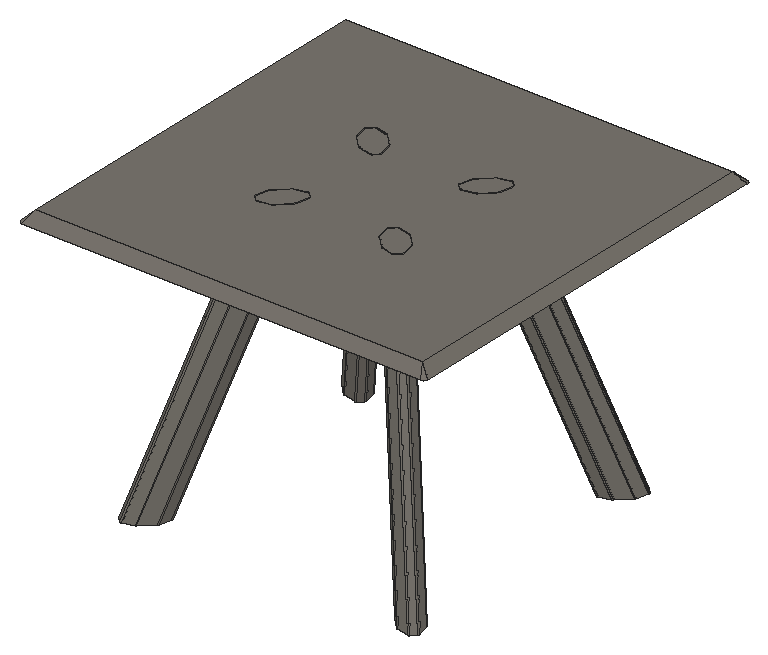
Revit family "Table-Ocassional-Teknion-STBST_Qui-R2014", category Furniture, Revit 2014
Parameters (values of type "Square, 18" High")
  Width = 26.000"
  Warranty = "http://www.teknionstudio.com/pdfs/Teknion%20Studio%20Warranty.pdf"
  Unit Weight = 40.00 lbf  # constant formula
  URL = "www.teknionstudio.com"
  Table Finish [instance] = Wood - Teknion - DY - Cocoa Brown
  Square Table Visibility = yes
  Series = "Studio"
  Round Table Visibility = no
  Product Line = "Qui"
  Product Documentation Link = "http://www.teknionstudio.com/pricing/STBST_ppg.pdf"
  Part Number = "STBST"
  Model = "STBSTC18"
  Manufacturer Phone = "919-464-2920"
  Manufacturer Fax = "919-464-2927"
  Manufacturer Email = "customersupport@teknionstudio.com"
  Manufacturer Address = "3941 US 70 Business HWY West, Clayton, NC 27520"
  Manufacturer = "StudioTK"  # constant formula
  Low Emitting Material = yes
  Low Emitting Finish = yes
  Height = 18.000"
  Description = "Qui Occasional Table, Square 26\"w / 66cm, 18\"h / 46cm"
  Depth = 26.000"
  Assembly Code = "E2020200"
Reference planes (in)
  plane 1 "Center F/B": y = 0
  plane 2: z = 0
  plane 3 "Center L/R": x = 0
  plane 4 "Left": x = -13
  plane 5 "Right": x = 13
  plane 6 "Back": y = 13
  plane 7 "Front": y = -13
  plane 8 "Top": z = 18
Dimensions and locks (in)
  "Height": plane 8 "Top" to plane 2
  equal spacing: plane 4 "Left", plane 3 "Center L/R", plane 5 "Right"
  "Width": plane 4 "Left" to plane 5 "Right"
  equal spacing: plane 6 "Back", plane 1 "Center F/B", plane 7 "Front"
  "Depth": plane 6 "Back" to plane 7 "Front"
  aligned and locked: level to plane 2
  aligned and locked: plane 1 "Center F/B" to nested 2
  aligned and locked: plane 3 "Center L/R" to nested 2
  aligned and locked: plane 3 "Center L/R" to nested 1
  aligned and locked: plane 1 "Center F/B" to nested 1
  aligned and locked: nested 1 to plane 2
  aligned and locked: plane 2 to nested 2
Nested families (in)
  nested 1: "Table-Ocassional-Teknion-STBST_Square_Qui-R2013" at (0, 0, 0), Table Finish <- "Table Finish", visible <- "Square Table Visibility", type "18" High"
    with Table Finish Wood - Teknion - DY - Cocoa Brown
  nested 2: "Table-Ocassional-Teknion-STBST_Round_Qui-R2013" at (0, 0, 0), visible <- "Round Table Visibility", Table Finish <- "Table Finish", type "18" High"
    with Table Finish Wood - Teknion - DY - Cocoa Brown
Definition of nested family "Table-Ocassional-Teknion-STBST_Square_Qui-R2013"
  Parameters (values of type "18" High")
    Width = 26.000"
    Warranty = "http://www.teknionstudio.com/pdfs/Teknion%20Studio%20Warranty.pdf"
    Unit Weight = 0.00 lbf
    URL = "www.teknionstudio.com"
    Table Finish [instance] = none
    Series = "Studio"
    Product Line = "Qui"
    Product Documentation Link = "http://www.teknionstudio.com/pricing/STBST_ppg.pdf"
    Part Number = "STBST"
    Model = "STBSTC18"
    Manufacturer Phone = "919-464-2920"
    Manufacturer Fax = "919-464-2927"
    Manufacturer Email = "customersupport@teknionstudio.com"
    Manufacturer Address = "3941 US 70 Business HWY West, Clayton, NC 27520"
    Manufacturer = "Teknion Studio"
    Low Emitting Material = yes
    Low Emitting Finish = yes
    Height = 18.000"
    Description = "Qui Occasional Table, Square 26\"w / 66cm, 18\"h / 46cm"
    Depth = 26.000"
    Assembly Code = "E2020200"
  Reference planes (in)
    plane 1 "Center F/B": y = 0
    plane 2: z = 0
    plane 3 "Center L/R": x = 0
    plane 4 "Left": x = -13
    plane 5 "Right": x = 13
    plane 6 "Back": y = 13
    plane 7 "Front": y = -13
    plane 8 "Top": z = 18
    plane 9 "Table Base": z = 17.375
    plane 10 "Table Bottom": z = 15.875
    plane 11 "Leg Top": z = 18.025
  Forms (in)
    Blend 1, solid, material <- "Table Finish"
      base sketch origin (0, 0, 17.375) x (-1, 0, 0) y (0, -1, 0)
        loop
          arc (12.75, -13) -> (12.92678, -12.92678) -> (13, -12.75) r 0.25
          line (13, -12.75) -> (13, 12.75)
          arc (13, 12.75) -> (12.92678, 12.92678) -> (12.75, 13) r 0.25
          line (12.75, 13) -> (-12.75, 13)
          arc (-12.75, 13) -> (-12.92678, 12.92678) -> (-13, 12.75) r 0.25
          line (-13, 12.75) -> (-13, -12.75)
          arc (-13, -12.75) -> (-12.92678, -12.92678) -> (-12.75, -13) r 0.25
          line (-12.75, -13) -> (12.75, -13)
      top sketch origin (0, 0, 18) x (-1, 0, 0) y (0, -1, 0)
        loop
          line (-12.375, -12.375) -> (12.375, -12.375) -> (12.375, 12.375) -> (-12.375, 12.375) -> (-12.375, -12.375)
      from 0 to 0
    Blend 2, solid, material <- "Table Finish"
      base sketch origin (0, 0, 15.875) x (-1, 0, 0) y (0, -1, 0)
        loop
          line (5.75, -5.75) -> (5.75, 5.75) -> (-5.75, 5.75) -> (-5.75, -5.75) -> (5.75, -5.75)
      top sketch origin (0, 0, 15.875) x (-1, 0, 0) y (0, -1, 0)
        loop
          line (-6.75, -6.75) -> (6.75, -6.75) -> (6.75, 6.75) -> (-6.75, 6.75) -> (-6.75, -6.75)
      from 0 to 1.5
    Blend 3, solid, material <- "Table Finish"
      base sketch origin (0, 0, 18.025) x (0, -1, 0) y (1, 0, 0)
        loop
          arc (-7.64515, -7.38666) -> (-7.70965, -7.3486) -> (-7.78451, -7.34647) r 0.15
          line (-7.78451, -7.34647) -> (-8.54844, -7.52036)
          arc (-8.54844, -7.52036) -> (-8.58767, -7.53532) -> (-8.62122, -7.56056) r 0.15
          line (-8.62122, -7.56056) -> (-9.36479, -8.30413)
          arc (-9.36479, -8.30413) -> (-9.39003, -8.33767) -> (-9.40498, -8.3769) r 0.15
          line (-9.40498, -8.3769) -> (-9.57888, -9.14084)
          arc (-9.57888, -9.14084) -> (-9.57674, -9.2157) -> (-9.53868, -9.2802) r 0.15
          line (-9.53868, -9.2802) -> (-9.2802, -9.53868)
          arc (-9.2802, -9.53868) -> (-9.2157, -9.57674) -> (-9.14084, -9.57888) r 0.15
          line (-9.14084, -9.57888) -> (-8.3769, -9.40498)
          arc (-8.3769, -9.40498) -> (-8.33767, -9.39003) -> (-8.30413, -9.36479) r 0.15
          line (-8.30413, -9.36479) -> (-7.56056, -8.62122)
          arc (-7.56056, -8.62122) -> (-7.53532, -8.58767) -> (-7.52036, -8.54844) r 0.15
          line (-7.52036, -8.54844) -> (-7.34647, -7.78451)
          arc (-7.34647, -7.78451) -> (-7.3486, -7.70965) -> (-7.38666, -7.64515) r 0.15
          line (-7.38666, -7.64515) -> (-7.64515, -7.38666)
      top sketch origin (0, 0, 18.025) x (0, -1, 0) y (1, 0, 0)
        loop
          arc (-2.8029, -2.54441) -> (-2.8674, -2.50635) -> (-2.94226, -2.50422) r 0.15
          line (-2.94226, -2.50422) -> (-3.70619, -2.67811)
          arc (-3.70619, -2.67811) -> (-3.74542, -2.69307) -> (-3.77896, -2.7183) r 0.15
          line (-3.77896, -2.7183) -> (-4.52254, -3.46188)
          arc (-4.52254, -3.46188) -> (-4.54777, -3.49542) -> (-4.56273, -3.53465) r 0.15
          line (-4.56273, -3.53465) -> (-4.73663, -4.29858)
          arc (-4.73663, -4.29858) -> (-4.73449, -4.37344) -> (-4.69643, -4.43794) r 0.15
          line (-4.69643, -4.43794) -> (-4.43794, -4.69643)
          arc (-4.43794, -4.69643) -> (-4.37344, -4.73449) -> (-4.29858, -4.73663) r 0.15
          line (-4.29858, -4.73663) -> (-3.53465, -4.56273)
          arc (-3.53465, -4.56273) -> (-3.49542, -4.54777) -> (-3.46188, -4.52254) r 0.15
          line (-3.46188, -4.52254) -> (-2.7183, -3.77896)
          arc (-2.7183, -3.77896) -> (-2.69307, -3.74542) -> (-2.67811, -3.70619) r 0.15
          line (-2.67811, -3.70619) -> (-2.50422, -2.94226)
          arc (-2.50422, -2.94226) -> (-2.50635, -2.8674) -> (-2.54441, -2.8029) r 0.15
          line (-2.54441, -2.8029) -> (-2.8029, -2.54441)
      from -18.025 to -0.025
    Blend 4, solid, material <- "Table Finish"
      base sketch origin (0, 0, 18.025) x (0, 1, 0) y (-1, 0, 0)
        loop
          arc (-7.64515, -7.38666) -> (-7.70965, -7.3486) -> (-7.78451, -7.34647) r 0.15
          line (-7.78451, -7.34647) -> (-8.54844, -7.52036)
          arc (-8.54844, -7.52036) -> (-8.58767, -7.53532) -> (-8.62122, -7.56056) r 0.15
          line (-8.62122, -7.56056) -> (-9.36479, -8.30413)
          arc (-9.36479, -8.30413) -> (-9.39003, -8.33767) -> (-9.40498, -8.3769) r 0.15
          line (-9.40498, -8.3769) -> (-9.57888, -9.14084)
          arc (-9.57888, -9.14084) -> (-9.57674, -9.2157) -> (-9.53868, -9.2802) r 0.15
          line (-9.53868, -9.2802) -> (-9.2802, -9.53868)
          arc (-9.2802, -9.53868) -> (-9.2157, -9.57674) -> (-9.14084, -9.57888) r 0.15
          line (-9.14084, -9.57888) -> (-8.3769, -9.40498)
          arc (-8.3769, -9.40498) -> (-8.33767, -9.39003) -> (-8.30413, -9.36479) r 0.15
          line (-8.30413, -9.36479) -> (-7.56056, -8.62122)
          arc (-7.56056, -8.62122) -> (-7.53532, -8.58767) -> (-7.52036, -8.54844) r 0.15
          line (-7.52036, -8.54844) -> (-7.34647, -7.78451)
          arc (-7.34647, -7.78451) -> (-7.3486, -7.70965) -> (-7.38666, -7.64515) r 0.15
          line (-7.38666, -7.64515) -> (-7.64515, -7.38666)
      top sketch origin (0, 0, 18.025) x (0, 1, 0) y (-1, 0, 0)
        loop
          arc (-2.8029, -2.54441) -> (-2.8674, -2.50635) -> (-2.94226, -2.50422) r 0.15
          line (-2.94226, -2.50422) -> (-3.70619, -2.67811)
          arc (-3.70619, -2.67811) -> (-3.74542, -2.69307) -> (-3.77896, -2.7183) r 0.15
          line (-3.77896, -2.7183) -> (-4.52254, -3.46188)
          arc (-4.52254, -3.46188) -> (-4.54777, -3.49542) -> (-4.56273, -3.53465) r 0.15
          line (-4.56273, -3.53465) -> (-4.73663, -4.29858)
          arc (-4.73663, -4.29858) -> (-4.73449, -4.37344) -> (-4.69643, -4.43794) r 0.15
          line (-4.69643, -4.43794) -> (-4.43794, -4.69643)
          arc (-4.43794, -4.69643) -> (-4.37344, -4.73449) -> (-4.29858, -4.73663) r 0.15
          line (-4.29858, -4.73663) -> (-3.53465, -4.56273)
          arc (-3.53465, -4.56273) -> (-3.49542, -4.54777) -> (-3.46188, -4.52254) r 0.15
          line (-3.46188, -4.52254) -> (-2.7183, -3.77896)
          arc (-2.7183, -3.77896) -> (-2.69307, -3.74542) -> (-2.67811, -3.70619) r 0.15
          line (-2.67811, -3.70619) -> (-2.50422, -2.94226)
          arc (-2.50422, -2.94226) -> (-2.50635, -2.8674) -> (-2.54441, -2.8029) r 0.15
          line (-2.54441, -2.8029) -> (-2.8029, -2.54441)
      from -18.025 to -0.025
    Blend 5, solid, material <- "Table Finish"
      base sketch origin (0, 0, 18.025) x (1, 0, 0) y (0, 1, 0)
        loop
          arc (-7.64515, -7.38666) -> (-7.70965, -7.3486) -> (-7.78451, -7.34647) r 0.15
          line (-7.78451, -7.34647) -> (-8.54844, -7.52036)
          arc (-8.54844, -7.52036) -> (-8.58767, -7.53532) -> (-8.62122, -7.56056) r 0.15
          line (-8.62122, -7.56056) -> (-9.36479, -8.30413)
          arc (-9.36479, -8.30413) -> (-9.39003, -8.33767) -> (-9.40498, -8.3769) r 0.15
          line (-9.40498, -8.3769) -> (-9.57888, -9.14084)
          arc (-9.57888, -9.14084) -> (-9.57674, -9.2157) -> (-9.53868, -9.2802) r 0.15
          line (-9.53868, -9.2802) -> (-9.2802, -9.53868)
          arc (-9.2802, -9.53868) -> (-9.2157, -9.57674) -> (-9.14084, -9.57888) r 0.15
          line (-9.14084, -9.57888) -> (-8.3769, -9.40498)
          arc (-8.3769, -9.40498) -> (-8.33767, -9.39003) -> (-8.30413, -9.36479) r 0.15
          line (-8.30413, -9.36479) -> (-7.56056, -8.62122)
          arc (-7.56056, -8.62122) -> (-7.53532, -8.58767) -> (-7.52036, -8.54844) r 0.15
          line (-7.52036, -8.54844) -> (-7.34647, -7.78451)
          arc (-7.34647, -7.78451) -> (-7.3486, -7.70965) -> (-7.38666, -7.64515) r 0.15
          line (-7.38666, -7.64515) -> (-7.64515, -7.38666)
      top sketch origin (0, 0, 18.025) x (1, 0, 0) y (0, 1, 0)
        loop
          arc (-2.8029, -2.54441) -> (-2.8674, -2.50635) -> (-2.94226, -2.50422) r 0.15
          line (-2.94226, -2.50422) -> (-3.70619, -2.67811)
          arc (-3.70619, -2.67811) -> (-3.74542, -2.69307) -> (-3.77896, -2.7183) r 0.15
          line (-3.77896, -2.7183) -> (-4.52254, -3.46188)
          arc (-4.52254, -3.46188) -> (-4.54777, -3.49542) -> (-4.56273, -3.53465) r 0.15
          line (-4.56273, -3.53465) -> (-4.73663, -4.29858)
          arc (-4.73663, -4.29858) -> (-4.73449, -4.37344) -> (-4.69643, -4.43794) r 0.15
          line (-4.69643, -4.43794) -> (-4.43794, -4.69643)
          arc (-4.43794, -4.69643) -> (-4.37344, -4.73449) -> (-4.29858, -4.73663) r 0.15
          line (-4.29858, -4.73663) -> (-3.53465, -4.56273)
          arc (-3.53465, -4.56273) -> (-3.49542, -4.54777) -> (-3.46188, -4.52254) r 0.15
          line (-3.46188, -4.52254) -> (-2.7183, -3.77896)
          arc (-2.7183, -3.77896) -> (-2.69307, -3.74542) -> (-2.67811, -3.70619) r 0.15
          line (-2.67811, -3.70619) -> (-2.50422, -2.94226)
          arc (-2.50422, -2.94226) -> (-2.50635, -2.8674) -> (-2.54441, -2.8029) r 0.15
          line (-2.54441, -2.8029) -> (-2.8029, -2.54441)
      from -18.025 to -0.025
    Sweep 6, void
      path origin (0, 0, 0) x (1, 0, 0) y (0, 0, 1)
        loop
          line (0, 18) -> (0, 17.75)
      profile origin (0, 0, 17.875) x (0, -1, 0) y (1, 0, 0)
        loop
          line (-4.70775, -4.44926) -> (-4.44926, -4.70775)
          arc (-4.44926, -4.70775) -> (-4.37788, -4.74987) -> (-4.29503, -4.75223) r 0.166
          line (-4.29503, -4.75223) -> (-3.5311, -4.57833)
          arc (-3.5311, -4.57833) -> (-3.48769, -4.56178) -> (-3.45056, -4.53385) r 0.166
          line (-3.45056, -4.53385) -> (-2.70699, -3.79028)
          arc (-2.70699, -3.79028) -> (-2.67906, -3.75315) -> (-2.66251, -3.70974) r 0.166
          line (-2.66251, -3.70974) -> (-2.48861, -2.94581)
          arc (-2.48861, -2.94581) -> (-2.49098, -2.86296) -> (-2.53309, -2.79158) r 0.166
          line (-2.53309, -2.79158) -> (-2.79158, -2.53309)
          arc (-2.79158, -2.53309) -> (-2.86296, -2.49098) -> (-2.94581, -2.48861) r 0.166
          line (-2.94581, -2.48861) -> (-3.70974, -2.66251)
          arc (-3.70974, -2.66251) -> (-3.75315, -2.67906) -> (-3.79028, -2.70699) r 0.166
          line (-3.79028, -2.70699) -> (-4.53385, -3.45056)
          arc (-4.53385, -3.45056) -> (-4.56178, -3.48769) -> (-4.57833, -3.5311) r 0.166
          line (-4.57833, -3.5311) -> (-4.75223, -4.29503)
          arc (-4.75223, -4.29503) -> (-4.74987, -4.37788) -> (-4.70775, -4.44926) r 0.166
        loop
          line (-4.53385, 3.45056) -> (-3.79028, 2.70699)
          arc (-3.79028, 2.70699) -> (-3.75315, 2.67906) -> (-3.70974, 2.66251) r 0.166
          line (-3.70974, 2.66251) -> (-2.94581, 2.48861)
          arc (-2.94581, 2.48861) -> (-2.86296, 2.49098) -> (-2.79158, 2.53309) r 0.166
          line (-2.79158, 2.53309) -> (-2.53309, 2.79158)
          arc (-2.53309, 2.79158) -> (-2.49098, 2.86296) -> (-2.48861, 2.94581) r 0.166
          line (-2.48861, 2.94581) -> (-2.66251, 3.70974)
          arc (-2.66251, 3.70974) -> (-2.67906, 3.75315) -> (-2.70699, 3.79028) r 0.166
          line (-2.70699, 3.79028) -> (-3.45056, 4.53385)
          arc (-3.45056, 4.53385) -> (-3.48769, 4.56178) -> (-3.5311, 4.57833) r 0.166
          line (-3.5311, 4.57833) -> (-4.29503, 4.75223)
          arc (-4.29503, 4.75223) -> (-4.37788, 4.74987) -> (-4.44926, 4.70775) r 0.166
          line (-4.44926, 4.70775) -> (-4.70775, 4.44926)
          arc (-4.70775, 4.44926) -> (-4.74987, 4.37788) -> (-4.75223, 4.29503) r 0.166
          line (-4.75223, 4.29503) -> (-4.57833, 3.5311)
          arc (-4.57833, 3.5311) -> (-4.56178, 3.48769) -> (-4.53385, 3.45056) r 0.166
        loop
          arc (3.45056, -4.53385) -> (3.48769, -4.56178) -> (3.5311, -4.57833) r 0.166
          line (3.5311, -4.57833) -> (4.29503, -4.75223)
          arc (4.29503, -4.75223) -> (4.37788, -4.74987) -> (4.44926, -4.70775) r 0.166
          line (4.44926, -4.70775) -> (4.70775, -4.44926)
          arc (4.70775, -4.44926) -> (4.74987, -4.37788) -> (4.75223, -4.29503) r 0.166
          line (4.75223, -4.29503) -> (4.57833, -3.5311)
          arc (4.57833, -3.5311) -> (4.56178, -3.48769) -> (4.53385, -3.45056) r 0.166
          line (4.53385, -3.45056) -> (3.79028, -2.70699)
          arc (3.79028, -2.70699) -> (3.75315, -2.67906) -> (3.70974, -2.66251) r 0.166
          line (3.70974, -2.66251) -> (2.94581, -2.48861)
          arc (2.94581, -2.48861) -> (2.86296, -2.49098) -> (2.79158, -2.53309) r 0.166
          line (2.79158, -2.53309) -> (2.53309, -2.79158)
          arc (2.53309, -2.79158) -> (2.49098, -2.86296) -> (2.48861, -2.94581) r 0.166
          line (2.48861, -2.94581) -> (2.66251, -3.70974)
          arc (2.66251, -3.70974) -> (2.67906, -3.75315) -> (2.70699, -3.79028) r 0.166
          line (2.70699, -3.79028) -> (3.45056, -4.53385)
        loop
          arc (3.5311, 4.57833) -> (3.48769, 4.56178) -> (3.45056, 4.53385) r 0.166
          line (3.45056, 4.53385) -> (2.70699, 3.79028)
          arc (2.70699, 3.79028) -> (2.67906, 3.75315) -> (2.66251, 3.70974) r 0.166
          line (2.66251, 3.70974) -> (2.48861, 2.94581)
          arc (2.48861, 2.94581) -> (2.49098, 2.86296) -> (2.53309, 2.79158) r 0.166
          line (2.53309, 2.79158) -> (2.79158, 2.53309)
          arc (2.79158, 2.53309) -> (2.86296, 2.49098) -> (2.94581, 2.48861) r 0.166
          line (2.94581, 2.48861) -> (3.70974, 2.66251)
          arc (3.70974, 2.66251) -> (3.75315, 2.67906) -> (3.79028, 2.70699) r 0.166
          line (3.79028, 2.70699) -> (4.53385, 3.45056)
          arc (4.53385, 3.45056) -> (4.56178, 3.48769) -> (4.57833, 3.5311) r 0.166
          line (4.57833, 3.5311) -> (4.75223, 4.29503)
          arc (4.75223, 4.29503) -> (4.74987, 4.37788) -> (4.70775, 4.44926) r 0.166
          line (4.70775, 4.44926) -> (4.44926, 4.70775)
          arc (4.44926, 4.70775) -> (4.37788, 4.74987) -> (4.29503, 4.75223) r 0.166
          line (4.29503, 4.75223) -> (3.5311, 4.57833)
    Blend 7, solid, material <- "Table Finish"
      base sketch origin (0, 0, 18.275) x (0, 1, 0) y (-1, 0, 0)
        loop
          line (7.64515, -7.38666) -> (7.38666, -7.64515)
          arc (7.38666, -7.64515) -> (7.3486, -7.70965) -> (7.34647, -7.78451) r 0.15
          line (7.34647, -7.78451) -> (7.52036, -8.54844)
          arc (7.52036, -8.54844) -> (7.53532, -8.58767) -> (7.56056, -8.62122) r 0.15
          line (7.56056, -8.62122) -> (8.30413, -9.36479)
          arc (8.30413, -9.36479) -> (8.33767, -9.39003) -> (8.3769, -9.40498) r 0.15
          line (8.3769, -9.40498) -> (9.14084, -9.57888)
          arc (9.14084, -9.57888) -> (9.2157, -9.57674) -> (9.2802, -9.53868) r 0.15
          line (9.2802, -9.53868) -> (9.53868, -9.2802)
          arc (9.53868, -9.2802) -> (9.57674, -9.2157) -> (9.57888, -9.14084) r 0.15
          line (9.57888, -9.14084) -> (9.40498, -8.3769)
          arc (9.40498, -8.3769) -> (9.39003, -8.33767) -> (9.36479, -8.30413) r 0.15
          line (9.36479, -8.30413) -> (8.62122, -7.56056)
          arc (8.62122, -7.56056) -> (8.58767, -7.53532) -> (8.54844, -7.52036) r 0.15
          line (8.54844, -7.52036) -> (7.78451, -7.34647)
          arc (7.78451, -7.34647) -> (7.70965, -7.3486) -> (7.64515, -7.38666) r 0.15
      top sketch origin (0, 0, 18.275) x (0, 1, 0) y (-1, 0, 0)
        loop
          line (2.8029, -2.54441) -> (2.54441, -2.8029)
          arc (2.54441, -2.8029) -> (2.50635, -2.8674) -> (2.50422, -2.94226) r 0.15
          line (2.50422, -2.94226) -> (2.67811, -3.70619)
          arc (2.67811, -3.70619) -> (2.69307, -3.74542) -> (2.7183, -3.77896) r 0.15
          line (2.7183, -3.77896) -> (3.46188, -4.52254)
          arc (3.46188, -4.52254) -> (3.49542, -4.54777) -> (3.53465, -4.56273) r 0.15
          line (3.53465, -4.56273) -> (4.29858, -4.73663)
          arc (4.29858, -4.73663) -> (4.37344, -4.73449) -> (4.43794, -4.69643) r 0.15
          line (4.43794, -4.69643) -> (4.69643, -4.43794)
          arc (4.69643, -4.43794) -> (4.73449, -4.37344) -> (4.73663, -4.29858) r 0.15
          line (4.73663, -4.29858) -> (4.56273, -3.53465)
          arc (4.56273, -3.53465) -> (4.54777, -3.49542) -> (4.52254, -3.46188) r 0.15
          line (4.52254, -3.46188) -> (3.77896, -2.7183)
          arc (3.77896, -2.7183) -> (3.74542, -2.69307) -> (3.70619, -2.67811) r 0.15
          line (3.70619, -2.67811) -> (2.94226, -2.50422)
          arc (2.94226, -2.50422) -> (2.8674, -2.50635) -> (2.8029, -2.54441) r 0.15
      from -18.275 to -0.275
  Cuts and joins
    Sweep 6 cuts Blend 1
  Lines and regions (in)
    Masking region 1
      outline origin (0, 0, 18.025) x (0, -1, 0) y (1, 0, 0)
        loop
          line (-13, -13) -> (13, -13) -> (13, 13) -> (-13, 13) -> (-13, -13)
    symbolic lines, detail levels medium+fine
      curve 1: line (12.375, 12.375, 18.025) -> (-12.375, 12.375, 18.025)
      curve 2: line (-12.375, 12.375, 18.025) -> (-12.375, -12.375, 18.025)
      curve 3: line (-12.375, -12.375, 18.025) -> (12.375, -12.375, 18.025)
      curve 4: line (12.375, -12.375, 18.025) -> (12.375, 12.375, 18.025)
    symbolic lines, style "Hidden Lines", detail levels medium+fine
      curve 5: line (-4.43794, 4.69643, 18.025) -> (-4.69643, 4.43794, 18.025)
      curve 6: arc (-4.29858, 4.73663, 18.025) -> (-4.37344, 4.73449, 18.025) -> (-4.43794, 4.69643, 18.025) r 0.15
      curve 7: line (-3.53465, 4.56273, 18.025) -> (-4.29858, 4.73663, 18.025)
      curve 8: arc (-3.46188, 4.52254, 18.025) -> (-3.49542, 4.54777, 18.025) -> (-3.53465, 4.56273, 18.025) r 0.15
      curve 9: line (-2.7183, 3.77896, 18.025) -> (-3.46188, 4.52254, 18.025)
      curve 10: arc (-2.67811, 3.70619, 18.025) -> (-2.69307, 3.74542, 18.025) -> (-2.7183, 3.77896, 18.025) r 0.15
      curve 11: line (-2.50422, 2.94226, 18.025) -> (-2.67811, 3.70619, 18.025)
      curve 12: arc (-2.54441, 2.8029, 18.025) -> (-2.50635, 2.8674, 18.025) -> (-2.50422, 2.94226, 18.025) r 0.15
      curve 13: line (-2.8029, 2.54441, 18.025) -> (-2.54441, 2.8029, 18.025)
      curve 14: arc (-2.94226, 2.50422, 18.025) -> (-2.8674, 2.50635, 18.025) -> (-2.8029, 2.54441, 18.025) r 0.15
      curve 15: line (-3.70619, 2.67811, 18.025) -> (-2.94226, 2.50422, 18.025)
      curve 16: arc (-3.77896, 2.7183, 18.025) -> (-3.74542, 2.69307, 18.025) -> (-3.70619, 2.67811, 18.025) r 0.15
      curve 17: line (-4.52254, 3.46188, 18.025) -> (-3.77896, 2.7183, 18.025)
      curve 18: arc (-4.56273, 3.53465, 18.025) -> (-4.54777, 3.49542, 18.025) -> (-4.52254, 3.46188, 18.025) r 0.15
      curve 19: line (-4.73663, 4.29858, 18.025) -> (-4.56273, 3.53465, 18.025)
      curve 20: arc (-4.69643, 4.43794, 18.025) -> (-4.73449, 4.37344, 18.025) -> (-4.73663, 4.29858, 18.025) r 0.15
      curve 21: line (3.46188, 4.52254, 18.025) -> (2.7183, 3.77896, 18.025)
      curve 22: arc (3.53465, 4.56273, 18.025) -> (3.49542, 4.54777, 18.025) -> (3.46188, 4.52254, 18.025) r 0.15
      curve 23: line (4.29858, 4.73663, 18.025) -> (3.53465, 4.56273, 18.025)
      curve 24: arc (4.43794, 4.69643, 18.025) -> (4.37344, 4.73449, 18.025) -> (4.29858, 4.73663, 18.025) r 0.15
      curve 25: line (4.69643, 4.43794, 18.025) -> (4.43794, 4.69643, 18.025)
      curve 26: arc (4.73663, 4.29858, 18.025) -> (4.73449, 4.37344, 18.025) -> (4.69643, 4.43794, 18.025) r 0.15
      curve 27: line (4.56273, 3.53465, 18.025) -> (4.73663, 4.29858, 18.025)
      curve 28: arc (4.52254, 3.46188, 18.025) -> (4.54777, 3.49542, 18.025) -> (4.56273, 3.53465, 18.025) r 0.15
      curve 29: line (3.77896, 2.7183, 18.025) -> (4.52254, 3.46188, 18.025)
      curve 30: arc (3.70619, 2.67811, 18.025) -> (3.74542, 2.69307, 18.025) -> (3.77896, 2.7183, 18.025) r 0.15
      curve 31: line (2.94226, 2.50422, 18.025) -> (3.70619, 2.67811, 18.025)
      curve 32: arc (2.8029, 2.54441, 18.025) -> (2.8674, 2.50635, 18.025) -> (2.94226, 2.50422, 18.025) r 0.15
      curve 33: line (2.54441, 2.8029, 18.025) -> (2.8029, 2.54441, 18.025)
      curve 34: arc (2.50422, 2.94226, 18.025) -> (2.50635, 2.8674, 18.025) -> (2.54441, 2.8029, 18.025) r 0.15
      curve 35: line (2.67811, 3.70619, 18.025) -> (2.50422, 2.94226, 18.025)
      curve 36: arc (2.7183, 3.77896, 18.025) -> (2.69307, 3.74542, 18.025) -> (2.67811, 3.70619, 18.025) r 0.15
      curve 37: line (2.8029, -2.54441, 18.025) -> (2.54441, -2.8029, 18.025)
      curve 38: arc (2.94226, -2.50422, 18.025) -> (2.8674, -2.50635, 18.025) -> (2.8029, -2.54441, 18.025) r 0.15
      curve 39: line (3.70619, -2.67811, 18.025) -> (2.94226, -2.50422, 18.025)
      curve 40: arc (3.77896, -2.7183, 18.025) -> (3.74542, -2.69307, 18.025) -> (3.70619, -2.67811, 18.025) r 0.15
      curve 41: line (4.52254, -3.46188, 18.025) -> (3.77896, -2.7183, 18.025)
      curve 42: arc (4.56273, -3.53465, 18.025) -> (4.54777, -3.49542, 18.025) -> (4.52254, -3.46188, 18.025) r 0.15
      curve 43: line (4.73663, -4.29858, 18.025) -> (4.56273, -3.53465, 18.025)
      curve 44: arc (4.69643, -4.43794, 18.025) -> (4.73449, -4.37344, 18.025) -> (4.73663, -4.29858, 18.025) r 0.15
      curve 45: line (4.43794, -4.69643, 18.025) -> (4.69643, -4.43794, 18.025)
      curve 46: arc (4.29858, -4.73663, 18.025) -> (4.37344, -4.73449, 18.025) -> (4.43794, -4.69643, 18.025) r 0.15
      curve 47: line (3.53465, -4.56273, 18.025) -> (4.29858, -4.73663, 18.025)
      curve 48: arc (3.46188, -4.52254, 18.025) -> (3.49542, -4.54777, 18.025) -> (3.53465, -4.56273, 18.025) r 0.15
      curve 49: line (2.7183, -3.77896, 18.025) -> (3.46188, -4.52254, 18.025)
      curve 50: arc (2.67811, -3.70619, 18.025) -> (2.69307, -3.74542, 18.025) -> (2.7183, -3.77896, 18.025) r 0.15
      curve 51: line (2.50422, -2.94226, 18.025) -> (2.67811, -3.70619, 18.025)
      curve 52: arc (2.50422, -2.94226, 18.025) -> (2.50635, -2.8674, 18.025) -> (2.54441, -2.8029, 18.025) r 0.15
      curve 53: line (-2.54441, -2.8029, 18.025) -> (-2.8029, -2.54441, 18.025)
      curve 54: arc (-2.50422, -2.94226, 18.025) -> (-2.50635, -2.8674, 18.025) -> (-2.54441, -2.8029, 18.025) r 0.15
      curve 55: line (-2.67811, -3.70619, 18.025) -> (-2.50422, -2.94226, 18.025)
      curve 56: arc (-2.7183, -3.77896, 18.025) -> (-2.69307, -3.74542, 18.025) -> (-2.67811, -3.70619, 18.025) r 0.15
      curve 57: line (-3.46188, -4.52254, 18.025) -> (-2.7183, -3.77896, 18.025)
      curve 58: arc (-3.53465, -4.56273, 18.025) -> (-3.49542, -4.54777, 18.025) -> (-3.46188, -4.52254, 18.025) r 0.15
      curve 59: line (-4.29858, -4.73663, 18.025) -> (-3.53465, -4.56273, 18.025)
      curve 60: arc (-4.43794, -4.69643, 18.025) -> (-4.37344, -4.73449, 18.025) -> (-4.29858, -4.73663, 18.025) r 0.15
      curve 61: line (-4.69643, -4.43794, 18.025) -> (-4.43794, -4.69643, 18.025)
      curve 62: arc (-4.73663, -4.29858, 18.025) -> (-4.73449, -4.37344, 18.025) -> (-4.69643, -4.43794, 18.025) r 0.15
      curve 63: line (-4.56273, -3.53465, 18.025) -> (-4.73663, -4.29858, 18.025)
      curve 64: arc (-4.52254, -3.46188, 18.025) -> (-4.54777, -3.49542, 18.025) -> (-4.56273, -3.53465, 18.025) r 0.15
      curve 65: line (-3.77896, -2.7183, 18.025) -> (-4.52254, -3.46188, 18.025)
      curve 66: arc (-3.70619, -2.67811, 18.025) -> (-3.74542, -2.69307, 18.025) -> (-3.77896, -2.7183, 18.025) r 0.15
      curve 67: line (-2.94226, -2.50422, 18.025) -> (-3.70619, -2.67811, 18.025)
      curve 68: arc (-2.8029, -2.54441, 18.025) -> (-2.8674, -2.50635, 18.025) -> (-2.94226, -2.50422, 18.025) r 0.15
    symbolic lines, style "Hidden Lines", detail levels fine
      curve 69: line (6.75, 6.75, 18.025) -> (-6.75, 6.75, 18.025)
      curve 70: line (-5.75, 5.75, 18.025) -> (5.75, 5.75, 18.025)
      curve 71: line (-5.75, -5.75, 18.025) -> (-5.75, 5.75, 18.025)
      curve 72: line (-6.75, 6.75, 18.025) -> (-6.75, -6.75, 18.025)
      curve 73: line (5.75, -5.75, 18.025) -> (-5.75, -5.75, 18.025)
      curve 74: line (-6.75, -6.75, 18.025) -> (6.75, -6.75, 18.025)
      curve 75: line (5.75, 5.75, 18.025) -> (5.75, -5.75, 18.025)
      curve 76: line (6.75, -6.75, 18.025) -> (6.75, 6.75, 18.025)
      curve 77: line (5.72184, 6.7825, 18.025) -> (8.30413, 9.36479, 18.025)
      curve 78: line (9.36479, 8.30413, 18.025) -> (4.52254, 3.46188, 18.025)
      curve 79: arc (8.30413, 9.36479, 18.025) -> (8.33767, 9.39003, 18.025) -> (8.3769, 9.40498, 18.025) r 0.15
      curve 80: line (8.3769, 9.40498, 18.025) -> (9.14084, 9.57888, 18.025)
      curve 81: arc (9.14084, 9.57888, 18.025) -> (9.2157, 9.57674, 18.025) -> (9.2802, 9.53868, 18.025) r 0.15
      curve 82: line (9.2802, 9.53868, 18.025) -> (9.53868, 9.2802, 18.025)
      curve 83: arc (9.53868, 9.2802, 18.025) -> (9.57674, 9.2157, 18.025) -> (9.57888, 9.14084, 18.025) r 0.15
      curve 84: line (9.57888, 9.14084, 18.025) -> (9.40498, 8.3769, 18.025)
      curve 85: arc (9.40498, 8.3769, 18.025) -> (9.39003, 8.33767, 18.025) -> (9.36479, 8.30413, 18.025) r 0.15
      curve 86: arc (8.62122, 7.56056, 18.025) -> (8.58767, 7.53532, 18.025) -> (8.54844, 7.52036, 18.025) r 0.15
      curve 87: line (8.54844, 7.52036, 18.025) -> (7.78451, 7.34647, 18.025)
      curve 88: arc (7.78451, 7.34647, 18.025) -> (7.70965, 7.3486, 18.025) -> (7.64515, 7.38666, 18.025) r 0.15
      curve 89: line (7.64515, 7.38666, 18.025) -> (7.38666, 7.64515, 18.025)
      curve 90: arc (7.38666, 7.64515, 18.025) -> (7.3486, 7.70965, 18.025) -> (7.34647, 7.78451, 18.025) r 0.15
      curve 91: line (7.34647, 7.78451, 18.025) -> (7.52036, 8.54844, 18.025)
      curve 92: arc (7.52036, 8.54844, 18.025) -> (7.53532, 8.58767, 18.025) -> (7.56056, 8.62122, 18.025) r 0.15
      curve 93: line (4.52254, -3.46188, 18.025) -> (9.36479, -8.30413, 18.025)
      curve 94: arc (9.36479, -8.30413, 18.025) -> (9.39003, -8.33767, 18.025) -> (9.40498, -8.3769, 18.025) r 0.15
      curve 95: line (9.40498, -8.3769, 18.025) -> (9.57888, -9.14084, 18.025)
      curve 96: arc (9.57888, -9.14084, 18.025) -> (9.57674, -9.2157, 18.025) -> (9.53868, -9.2802, 18.025) r 0.15
      curve 97: line (9.53868, -9.2802, 18.025) -> (9.2802, -9.53868, 18.025)
      curve 98: arc (9.2802, -9.53868, 18.025) -> (9.2157, -9.57674, 18.025) -> (9.14084, -9.57888, 18.025) r 0.15
      curve 99: line (9.14084, -9.57888, 18.025) -> (8.3769, -9.40498, 18.025)
      curve 100: arc (8.3769, -9.40498, 18.025) -> (8.33767, -9.39003, 18.025) -> (8.30413, -9.36479, 18.025) r 0.15
      curve 101: line (8.30413, -9.36479, 18.025) -> (3.46188, -4.52254, 18.025)
      curve 102: arc (7.56056, -8.62122, 18.025) -> (7.53532, -8.58767, 18.025) -> (7.52036, -8.54844, 18.025) r 0.15
      curve 103: line (7.52036, -8.54844, 18.025) -> (7.34647, -7.78451, 18.025)
      curve 104: arc (7.34647, -7.78451, 18.025) -> (7.3486, -7.70965, 18.025) -> (7.38666, -7.64515, 18.025) r 0.15
      curve 105: line (7.38666, -7.64515, 18.025) -> (7.64515, -7.38666, 18.025)
      curve 106: arc (7.64515, -7.38666, 18.025) -> (7.70965, -7.3486, 18.025) -> (7.78451, -7.34647, 18.025) r 0.15
      curve 107: line (7.78451, -7.34647, 18.025) -> (8.54844, -7.52036, 18.025)
      curve 108: arc (8.54844, -7.52036, 18.025) -> (8.58767, -7.53532, 18.025) -> (8.62122, -7.56056, 18.025) r 0.15
      curve 109: line (-9.36479, -8.30413, 18.025) -> (-4.52254, -3.46188, 18.025)
      curve 110: line (-3.46188, -4.52254, 18.025) -> (-8.30413, -9.36479, 18.025)
      curve 111: arc (-8.30413, -9.36479, 18.025) -> (-8.33767, -9.39003, 18.025) -> (-8.3769, -9.40498, 18.025) r 0.15
      curve 112: line (-8.3769, -9.40498, 18.025) -> (-9.14084, -9.57888, 18.025)
      curve 113: arc (-9.14084, -9.57888, 18.025) -> (-9.2157, -9.57674, 18.025) -> (-9.2802, -9.53868, 18.025) r 0.15
      curve 114: line (-9.2802, -9.53868, 18.025) -> (-9.53868, -9.2802, 18.025)
      curve 115: arc (-9.53868, -9.2802, 18.025) -> (-9.57674, -9.2157, 18.025) -> (-9.57888, -9.14084, 18.025) r 0.15
      curve 116: line (-9.57888, -9.14084, 18.025) -> (-9.40498, -8.3769, 18.025)
      curve 117: arc (-9.40498, -8.3769, 18.025) -> (-9.39003, -8.33767, 18.025) -> (-9.36479, -8.30413, 18.025) r 0.15
      curve 118: arc (-8.62122, -7.56056, 18.025) -> (-8.58767, -7.53532, 18.025) -> (-8.54844, -7.52036, 18.025) r 0.15
      curve 119: line (-8.54844, -7.52036, 18.025) -> (-7.78451, -7.34647, 18.025)
      curve 120: arc (-7.78451, -7.34647, 18.025) -> (-7.70965, -7.3486, 18.025) -> (-7.64515, -7.38666, 18.025) r 0.15
      curve 121: line (-7.64515, -7.38666, 18.025) -> (-7.38666, -7.64515, 18.025)
      curve 122: arc (-7.38666, -7.64515, 18.025) -> (-7.3486, -7.70965, 18.025) -> (-7.34647, -7.78451, 18.025) r 0.15
      curve 123: line (-7.34647, -7.78451, 18.025) -> (-7.52036, -8.54844, 18.025)
      curve 124: arc (-7.52036, -8.54844, 18.025) -> (-7.53532, -8.58767, 18.025) -> (-7.56056, -8.62122, 18.025) r 0.15
      curve 125: line (-7.52036, 8.54844, 18.025) -> (-7.34647, 7.78451, 18.025)
      curve 126: arc (-7.34647, 7.78451, 18.025) -> (-7.3486, 7.70965, 18.025) -> (-7.38666, 7.64515, 18.025) r 0.15
      curve 127: line (-7.38666, 7.64515, 18.025) -> (-7.64515, 7.38666, 18.025)
      curve 128: arc (-7.64515, 7.38666, 18.025) -> (-7.70965, 7.3486, 18.025) -> (-7.78451, 7.34647, 18.025) r 0.15
      curve 129: line (-7.78451, 7.34647, 18.025) -> (-8.54844, 7.52036, 18.025)
      curve 130: arc (-8.54844, 7.52036, 18.025) -> (-8.58767, 7.53532, 18.025) -> (-8.62122, 7.56056, 18.025) r 0.15
      curve 131: line (-6.7825, 5.72184, 18.025) -> (-9.36479, 8.30413, 18.025)
      curve 132: arc (-9.36479, 8.30413, 18.025) -> (-9.39003, 8.33767, 18.025) -> (-9.40498, 8.3769, 18.025) r 0.15
      curve 133: line (-9.40498, 8.3769, 18.025) -> (-9.57888, 9.14084, 18.025)
      curve 134: arc (-9.57888, 9.14084, 18.025) -> (-9.57674, 9.2157, 18.025) -> (-9.53868, 9.2802, 18.025) r 0.15
      curve 135: line (-9.53868, 9.2802, 18.025) -> (-9.2802, 9.53868, 18.025)
      curve 136: arc (-9.2802, 9.53868, 18.025) -> (-9.2157, 9.57674, 18.025) -> (-9.14084, 9.57888, 18.025) r 0.15
      curve 137: line (-9.14084, 9.57888, 18.025) -> (-8.3769, 9.40498, 18.025)
      curve 138: arc (-8.3769, 9.40498, 18.025) -> (-8.33767, 9.39003, 18.025) -> (-8.30413, 9.36479, 18.025) r 0.15
      curve 139: line (-8.30413, 9.36479, 18.025) -> (-3.46188, 4.52254, 18.025)
      curve 140: arc (-7.56056, 8.62122, 18.025) -> (-7.53532, 8.58767, 18.025) -> (-7.52036, 8.54844, 18.025) r 0.15
  Dimensions and locks (in)
    "Height": plane 8 "Top" to plane 2
    equal spacing: plane 4 "Left", plane 3 "Center L/R", plane 5 "Right"
    "Width": plane 4 "Left" to plane 5 "Right"
    equal spacing: plane 6 "Back", plane 1 "Center F/B", plane 7 "Front"
    "Depth": plane 6 "Back" to plane 7 "Front"
    plane 8 "Top" to plane 9 "Table Base" to plane 10 "Table Bottom" = 0.625" locked, 1.500" locked
    locked: Blend 1 sketch curve to plane 5 "Right" at 0.625
    locked: plane 4 "Left" to Blend 1 sketch curve at 0.625
    locked: plane 6 "Back" to Blend 1 sketch curve at 0.625
    locked: plane 7 "Front" to Blend 1 sketch curve at 0.625
    locked: plane 6 "Back" to Blend 2 sketch curve at 7.25
    locked: plane 7 "Front" to Blend 2 sketch curve at 7.25
    locked: Blend 2 sketch curve to plane 5 "Right" at 7.25
    locked: plane 4 "Left" to Blend 2 sketch curve at 7.25
    locked: plane 4 "Left" to Blend 2 sketch curve at 6.25
    locked: Blend 2 sketch curve to plane 5 "Right" at 6.25
    locked: plane 6 "Back" to Blend 2 sketch curve at 6.25
    locked: plane 7 "Front" to Blend 2 sketch curve at 6.25
    locked: plane 11 "Leg Top" to plane 8 "Top" at 0.025
    locked: Blend 3 sketch curve to Blend 3 sketch curve at 2.67786  (x2)
    locked: Blend 3 sketch curve to Blend 3 sketch curve at 1.5  (x2)
    locked: Blend 3 sketch curve to Blend 3 sketch curve at 1.87568  (x4)
    locked: Blend 4 sketch curve to Blend 4 sketch curve at 2.67786  (x2)
    locked: Blend 4 sketch curve to Blend 4 sketch curve at 1.5  (x2)
    locked: Blend 4 sketch curve to Blend 4 sketch curve at 1.87568  (x4)
    locked: Blend 5 sketch curve to Blend 5 sketch curve at 2.67786  (x2)
    locked: Blend 5 sketch curve to Blend 5 sketch curve at 1.5  (x2)
    locked: Blend 5 sketch curve to Blend 5 sketch curve at 1.87568  (x4)
    locked: Blend 3 sketch curve to plane 3 "Center L/R" at 10.62909
    locked: Blend 3 sketch curve to plane 3 "Center L/R" at 0.75
    locked: Blend 4 sketch curve to plane 3 "Center L/R" at 10.62909
    locked: Blend 4 sketch curve to plane 3 "Center L/R" at 0.75
    locked: Blend 5 sketch curve to plane 3 "Center L/R" at 10.62909
    locked: Blend 5 sketch curve to plane 3 "Center L/R" at 0.75
    locked: plane 8 "Top" to Sweep 6 sketch curve at 0.25
    Sweep 6 sketch curve to plane 3 "Center L/R" to Sweep 6 sketch curve = 4.75637" locked, 4.75637" locked  (x2)
    Sweep 6 sketch curve to plane 1 "Center F/B" to Sweep 6 sketch curve = 4.75637" locked, 4.75637" locked
    locked: Blend 7 sketch curve to Blend 7 sketch curve at 2.67786  (x2)
    locked: Blend 7 sketch curve to Blend 7 sketch curve at 1.5  (x2)
    locked: Blend 7 sketch curve to Blend 7 sketch curve at 1.87568  (x4)
    plane 1 "Center F/B" to Blend 7 sketch curve to Blend 7 sketch curve = 2.50047" locked, 2.23989" locked
    locked: plane 3 "Center L/R" to Blend 7 sketch curve at 4.74037
    aligned and locked: level to plane 2
    aligned and locked: Blend 1 sketch curve to plane 6 "Back"
    aligned and locked: Blend 1 sketch curve to plane 4 "Left"
    aligned and locked: Blend 1 sketch curve to plane 5 "Right"
    aligned and locked: Blend 1 sketch curve to plane 7 "Front"
    aligned and locked: plane 8 "Top" to Blend 1
    aligned and locked: Blend 1 to plane 9 "Table Base"
    aligned and locked: Blend 2 to plane 10 "Table Bottom"
    aligned and locked: plane 9 "Table Base" to Blend 2
    aligned and locked: Masking region 1 sketch curve to plane 6 "Back"
    aligned and locked: Masking region 1 sketch curve to plane 7 "Front"
    aligned and locked: plane 4 "Left" to Masking region 1 sketch curve
    aligned and locked: Masking region 1 sketch curve to plane 5 "Right"
    aligned and locked: Blend 3 to curve 17
    aligned and locked: Blend 3 to curve 9
    aligned and locked: curve 139 to Blend 3
    aligned and locked: Blend 5 to curve 65
    aligned and locked: Blend 5 to curve 57
    aligned and locked: curve 109 to Blend 5
    aligned and locked: curve 110 to Blend 5
    aligned and locked: curve 39 to Blend 4
    aligned and locked: Blend 4 to curve 41
    aligned and locked: curve 47 to Blend 4
    aligned and locked: curve 45 to Blend 4
    aligned and locked: curve 43 to Blend 4
    aligned and locked: curve 93 to Blend 4
    aligned and locked: curve 101 to Blend 4
    aligned and locked: curve 97 to Blend 4
    aligned and locked: curve 95 to Blend 4
    aligned and locked: curve 99 to Blend 4
    aligned and locked: curve 103 to Blend 4
    aligned and locked: curve 105 to Blend 4
    aligned and locked: curve 107 to Blend 4
    aligned and locked: curve 50 to Blend 4
    aligned and locked: curve 51 to Blend 4
    aligned and locked: curve 37 to Blend 4
    aligned and locked: curve 53 to Blend 5
    aligned and locked: curve 55 to Blend 5
    aligned and locked: curve 67 to Blend 5
    aligned and locked: curve 59 to Blend 5
    aligned and locked: curve 61 to Blend 5
    aligned and locked: curve 63 to Blend 5
    aligned and locked: curve 123 to Blend 5
    aligned and locked: curve 121 to Blend 5
    aligned and locked: curve 119 to Blend 5
    aligned and locked: curve 116 to Blend 5
    aligned and locked: curve 114 to Blend 5
    aligned and locked: curve 112 to Blend 5
    aligned and locked: curve 13 to Blend 3
    aligned and locked: curve 15 to Blend 3
    aligned and locked: curve 11 to Blend 3
    aligned and locked: curve 7 to Blend 3
    aligned and locked: curve 5 to Blend 3
    aligned and locked: curve 19 to Blend 3
    aligned and locked: curve 127 to Blend 3
    aligned and locked: curve 125 to Blend 3
    aligned and locked: curve 129 to Blend 3
    aligned and locked: curve 137 to Blend 3
    aligned and locked: curve 135 to Blend 3
    aligned and locked: curve 133 to Blend 3
    aligned and locked: curve 3 to Blend 1
    aligned and locked: curve 2 to Blend 1
    aligned and locked: curve 1 to Blend 1
    aligned and locked: curve 4 to Blend 1
    aligned and locked: curve 69 to Blend 2
    aligned and locked: curve 72 to Blend 2
    aligned and locked: curve 74 to Blend 2
    aligned and locked: curve 76 to Blend 2
    aligned and locked: curve 75 to Blend 2
    aligned and locked: curve 73 to Blend 2
    aligned and locked: curve 71 to Blend 2
    aligned and locked: curve 70 to Blend 2
    aligned and locked: Blend 5 to plane 2
    aligned and locked: Blend 3 to plane 2
    aligned and locked: Blend 4 to plane 2
    aligned and locked: plane 8 "Top" to Blend 5
    aligned and locked: plane 8 "Top" to Blend 3
    aligned and locked: plane 8 "Top" to Blend 4
    aligned and locked: plane 8 "Top" to Sweep 6 sketch curve
    aligned and locked: Sweep 6 sketch curve to plane 3 "Center L/R"
    aligned and locked: Blend 7 to plane 2
    aligned and locked: plane 8 "Top" to Blend 7
  Automatic sketch dimensions
    Blend 1 sketch curve to plane 5 "Right" = 0.250"
    Blend 1 sketch curve to plane 6 "Back" = 0.250"
    plane 4 "Left" to Blend 1 sketch curve = 0.250"  (x2)
    curve 80 to plane 6 "Back" = 3.42112"
    plane 4 "Left" to curve 133 = 3.42112"
    curve 137 to curve 134 = 0.43804"
    curve 81 to curve 82 = 0.04019"
    curve 136 to curve 135 = 0.04019"
    curve 81 to curve 80 = 0.1739"
    curve 136 to curve 137 = 0.1739"
    curve 80 to curve 77 = 0.04019"
    curve 137 to curve 139 = 0.04019"
    plane 4 "Left" to curve 135 = 3.46132"
    curve 82 to curve 82 = 0.25849"  (x2)
    curve 83 to curve 84 = 0.13936"
    curve 77 to curve 91 = 0.81634"
    curve 125 to curve 127 = 0.90329"
    curve 84 to curve 84 = 0.76393"
    plane 4 "Left" to curve 133 = 3.59502"
    curve 85 to curve 78 = 0.07277"
    curve 133 to curve 131 = 0.07277"
    curve 125 to curve 126 = 0.13936"
    curve 92 to curve 91 = 0.76393"
    curve 91 to curve 89 = 0.13936"
    plane 4 "Left" to curve 129 = 4.45156"
    curve 85 to curve 87 = 0.78376"
    curve 89 to curve 89 = 0.25849"  (x2)
    plane 4 "Left" to curve 127 = 5.35485"
    plane 4 "Left" to curve 129 = 5.21549"
    curve 89 to curve 87 = 0.04019"
    curve 7 to plane 3 "Center L/R" = 4.29858"
    curve 70 to curve 23 = 1.01337"
    curve 23 to curve 25 = 0.04019"
    curve 5 to plane 3 "Center L/R" = 4.43794"
    curve 7 to plane 3 "Center L/R" = 3.53465"
    curve 24 to curve 23 = 0.1739"
    curve 9 to plane 3 "Center L/R" = 3.46188"
    plane 3 "Center L/R" to curve 21 = 3.46188"
    curve 23 to curve 21 = 0.04019"
    curve 25 to curve 25 = 0.25849"  (x2)
    curve 6 to curve 5 = 0.25849"
    curve 20 to curve 19 = 0.13936"
    curve 25 to curve 27 = 0.13936"
    curve 22 to curve 21 = 0.74357"
    curve 9 to plane 3 "Center L/R" = 2.7183"
    curve 11 to plane 3 "Center L/R" = 2.67811"
    curve 36 to curve 35 = 0.07277"
    curve 19 to curve 19 = 0.76393"
    curve 27 to curve 27 = 0.76393"
    curve 28 to curve 29 = 0.07277"
    curve 18 to curve 17 = 0.07277"
    curve 36 to curve 35 = 0.76393"
    curve 11 to plane 3 "Center L/R" = 2.50422"
    curve 34 to curve 33 = 0.13936"
    curve 13 to plane 3 "Center L/R" = 2.54441"
    curve 17 to curve 17 = 0.74357"
    curve 28 to curve 29 = 0.74357"
    curve 16 to curve 15 = 0.04019"
    curve 29 to curve 31 = 0.04019"
    curve 13 to curve 13 = 0.25849"
    curve 34 to curve 33 = 0.25849"  (x2)
    curve 14 to curve 15 = 0.04019"
    curve 33 to curve 31 = 0.04019"
    plane 1 "Center F/B" to curve 67 = 2.50422"
    curve 39 to curve 50 = 1.16868"
    curve 68 to curve 53 = 0.04019"
    curve 39 to curve 37 = 0.04019"
    curve 68 to curve 67 = 0.1739"
    curve 38 to curve 39 = 0.1739"
    curve 39 to curve 41 = 0.04019"
    curve 66 to curve 65 = 0.04019"
    plane 3 "Center L/R" to curve 37 = 2.54441"
    curve 53 to plane 3 "Center L/R" = 2.54441"
    curve 55 to plane 3 "Center L/R" = 2.50422"
    plane 3 "Center L/R" to curve 51 = 2.50422"
    curve 65 to curve 65 = 0.74357"
    curve 40 to curve 93 = 0.74357"
    curve 42 to curve 43 = 0.07277"
    curve 65 to curve 63 = 0.07277"
    plane 3 "Center L/R" to curve 51 = 2.67811"
    curve 55 to plane 3 "Center L/R" = 2.67811"
    curve 57 to plane 3 "Center L/R" = 2.7183"
    plane 3 "Center L/R" to curve 49 = 2.7183"
    curve 42 to curve 43 = 0.76393"
    curve 63 to curve 63 = 0.76393"
    curve 44 to curve 45 = 0.13936"
    curve 62 to curve 61 = 0.13936"
    plane 3 "Center L/R" to curve 101 = 3.46188"
    curve 110 to plane 3 "Center L/R" = 3.46188"
    plane 3 "Center L/R" to curve 47 = 3.53465"
    curve 59 to plane 3 "Center L/R" = 3.53465"
    curve 61 to plane 3 "Center L/R" = 4.43794"
    plane 3 "Center L/R" to curve 45 = 4.43794"
    plane 3 "Center L/R" to curve 47 = 4.29858"
    curve 59 to plane 3 "Center L/R" = 4.29858"
    curve 107 to plane 5 "Right" = 5.21549"
    plane 4 "Left" to curve 119 = 5.21549"
    curve 105 to plane 5 "Right" = 5.35485"
    plane 4 "Left" to curve 121 = 5.35485"
    curve 107 to plane 5 "Right" = 4.45156"
    plane 4 "Left" to curve 119 = 4.45156"
    curve 120 to curve 121 = 0.25849"
    curve 106 to curve 105 = 0.25849"
    curve 121 to curve 123 = 0.13936"
    curve 105 to curve 103 = 0.13936"
    plane 4 "Left" to curve 109 = 3.63521"
    curve 93 to plane 5 "Right" = 3.63521"
    curve 95 to plane 5 "Right" = 3.59502"
    plane 4 "Left" to curve 116 = 3.59502"
    curve 103 to curve 103 = 0.76393"
    curve 122 to curve 123 = 0.76393"
    plane 4 "Left" to curve 116 = 3.42112"
    curve 95 to plane 5 "Right" = 3.42112"
    curve 97 to plane 5 "Right" = 3.46132"
    plane 4 "Left" to curve 114 = 3.46132"
    curve 124 to curve 110 = 0.81634"
    curve 102 to curve 101 = 0.81634"
    curve 111 to curve 112 = 0.04019"
    curve 101 to curve 99 = 0.04019"
    curve 114 to curve 114 = 0.25849"
    curve 96 to curve 97 = 0.25849"
    curve 113 to curve 112 = 0.04019"
    curve 97 to curve 99 = 0.04019"
    curve 136 to curve 136 = 0.10607"
    curve 81 to curve 81 = 0.14626"
    curve 77 to curve 79 = 0.10607"
    curve 137 to curve 138 = 0.14626"
    curve 83 to curve 84 = 0.03329"
    curve 134 to curve 134 = 0.03329"
    curve 92 to curve 91 = 0.07277"
    curve 140 to curve 140 = 0.07277"
    curve 91 to curve 92 = 0.03329"
    curve 140 to curve 140 = 0.03329"
    curve 85 to curve 85 = 0.10607"
    curve 132 to curve 133 = 0.03329"
    curve 126 to curve 126 = 0.03329"
    curve 91 to curve 90 = 0.03329"
    curve 130 to curve 129 = 0.14626"
    curve 86 to curve 86 = 0.14626"
    curve 86 to curve 86 = 0.04019"
    curve 130 to curve 129 = 0.04019"
    curve 128 to curve 127 = 0.10607"
    curve 88 to curve 88 = 0.14626"
    curve 77 to curve 69 = 0.0325"
    curve 69 to curve 131 = 1.02816"
    curve 23 to curve 24 = 0.14626"
    curve 7 to curve 6 = 0.14626"
    curve 9 to curve 8 = 0.10607"
    curve 23 to curve 22 = 0.14626"
    curve 26 to curve 27 = 0.03329"
    curve 20 to curve 19 = 0.03329"
    curve 36 to curve 36 = 0.03329"
    curve 10 to curve 10 = 0.10607"
    curve 18 to curve 18 = 0.03329"
    curve 28 to curve 28 = 0.10607"
    curve 11 to curve 12 = 0.03329"
    curve 34 to curve 34 = 0.03329"
    curve 30 to curve 31 = 0.14626"
    curve 16 to curve 16 = 0.10607"
    curve 32 to curve 31 = 0.14626"
    curve 14 to curve 14 = 0.14626"
    curve 68 to curve 68 = 0.14626"
    curve 39 to curve 38 = 0.14626"
    curve 41 to curve 40 = 0.10607"
    curve 66 to curve 66 = 0.14626"
    curve 53 to curve 54 = 0.10607"
    curve 52 to curve 52 = 0.10607"
    curve 109 to curve 65 = 0.000"
    curve 43 to curve 42 = 0.03329"
    curve 64 to curve 64 = 0.10607"
    curve 56 to curve 56 = 0.10607"
    curve 62 to curve 62 = 0.03329"
    curve 44 to curve 44 = 0.10607"
    curve 48 to curve 47 = 0.14626"
    curve 58 to curve 58 = 0.14626"
    curve 46 to curve 46 = 0.10607"
    curve 60 to curve 60 = 0.14626"
    curve 119 to curve 120 = 0.14626"
    curve 105 to curve 106 = 0.10607"
    curve 108 to curve 108 = 0.04019"
    curve 119 to curve 118 = 0.04019"
    curve 118 to curve 118 = 0.10607"
    curve 107 to curve 108 = 0.14626"
    curve 121 to curve 122 = 0.10607"
    curve 105 to curve 104 = 0.10607"
    curve 95 to curve 94 = 0.03329"
    curve 117 to curve 117 = 0.10607"
    curve 102 to curve 102 = 0.03329"
    curve 124 to curve 124 = 0.03329"
    curve 102 to curve 102 = 0.07277"
    curve 124 to curve 124 = 0.07277"
    curve 115 to curve 114 = 0.10607"
    curve 96 to curve 97 = 0.10607"
    curve 100 to curve 99 = 0.14626"
    curve 111 to curve 110 = 0.10607"
    curve 113 to curve 113 = 0.10607"
    curve 98 to curve 97 = 0.10607"
    curve 133 to curve 131 = 0.04019"
    curve 35 to curve 22 = 0.95766"
    curve 34 to curve 33 = 0.04019"
    curve 35 to curve 35 = 0.1739"
    curve 36 to curve 21 = 0.04019"
    curve 33 to curve 31 = 0.13936"
    curve 21 to curve 23 = 0.07277"
    curve 31 to curve 31 = 0.76393"
    curve 31 to curve 29 = 0.07277"
    curve 22 to curve 23 = 0.76393"
    curve 23 to curve 25 = 0.13936"
    curve 30 to curve 29 = 0.74357"
    curve 29 to curve 27 = 0.04019"
    curve 25 to curve 27 = 0.04019"
    curve 69 to curve 91 = 0.59647"
    curve 91 to curve 89 = 0.04019"
    curve 90 to curve 91 = 0.1739"
    curve 89 to curve 87 = 0.13936"
    curve 91 to curve 77 = 0.78376"
    curve 77 to curve 80 = 0.07277"
    curve 87 to curve 87 = 0.76393"
    curve 80 to curve 80 = 0.76393"
    curve 81 to curve 82 = 0.13936"
    curve 86 to curve 78 = 0.81634"
    curve 85 to curve 84 = 0.04019"
    curve 83 to curve 84 = 0.04019"
    curve 130 to curve 129 = 0.07277"
    curve 77 to curve 69 = 1.02816"
    Blend 3 sketch curve to plane 6 "Back" = 3.42112"
    plane 4 "Left" to Blend 3 sketch curve = 3.42112"
    Blend 3 sketch curve to Blend 3 sketch curve = 0.04019"  (x11)
    Blend 3 sketch curve to Blend 3 sketch curve = 0.1739"  (x2)
    Blend 3 sketch curve to Blend 3 sketch curve = 0.25849"  (x5)
    Blend 3 sketch curve to Blend 3 sketch curve = 0.13936"  (x5)
    Blend 3 sketch curve to Blend 3 sketch curve = 0.74357"  (x4)
    Blend 3 sketch curve to Blend 3 sketch curve = 0.07277"  (x4)
    Blend 3 sketch curve to Blend 3 sketch curve = 0.76393"  (x3)
    plane 4 "Left" to Blend 3 sketch curve = 4.37878"
    plane 4 "Left" to Blend 3 sketch curve = 4.45156"
    plane 4 "Left" to Blend 3 sketch curve = 5.21549"
    Blend 3 sketch curve to Blend 3 sketch curve = 0.14626"  (x4)
    Blend 3 sketch curve to Blend 3 sketch curve = 0.10607"  (x8)
    Blend 3 sketch curve to Blend 3 sketch curve = 0.03329"  (x4)
    Blend 3 sketch curve to plane 1 "Center F/B" = 4.73663"
    Blend 3 sketch curve to plane 3 "Center L/R" = 4.73663"
    Blend 3 sketch curve to plane 3 "Center L/R" = 3.53465"
    Blend 3 sketch curve to plane 3 "Center L/R" = 3.46188"
    Blend 3 sketch curve to plane 3 "Center L/R" = 2.7183"
    Blend 3 sketch curve to plane 3 "Center L/R" = 2.67811"
    Blend 3 sketch curve to plane 3 "Center L/R" = 2.50422"
    Blend 4 sketch curve to plane 7 "Front" = 3.42112"
    Blend 4 sketch curve to plane 5 "Right" = 3.42112"
    Blend 4 sketch curve to Blend 4 sketch curve = 0.04019"  (x11)
    Blend 4 sketch curve to Blend 4 sketch curve = 0.1739"  (x2)
    Blend 4 sketch curve to Blend 4 sketch curve = 0.25849"  (x5)
    Blend 4 sketch curve to Blend 4 sketch curve = 0.13936"  (x5)
    Blend 4 sketch curve to Blend 4 sketch curve = 0.74357"  (x4)
    Blend 4 sketch curve to Blend 4 sketch curve = 0.07277"  (x4)
    Blend 4 sketch curve to Blend 4 sketch curve = 0.76393"  (x3)
    Blend 4 sketch curve to plane 5 "Right" = 4.37878"
    Blend 4 sketch curve to plane 5 "Right" = 4.45156"
    Blend 4 sketch curve to plane 5 "Right" = 5.21549"
    Blend 4 sketch curve to Blend 4 sketch curve = 0.10607"  (x4)
    Blend 4 sketch curve to Blend 4 sketch curve = 0.03329"  (x6)
    Blend 4 sketch curve to Blend 4 sketch curve = 0.14626"  (x6)
    plane 1 "Center F/B" to Blend 4 sketch curve = 4.73663"
    plane 3 "Center L/R" to Blend 4 sketch curve = 4.73663"
    plane 3 "Center L/R" to Blend 4 sketch curve = 3.53465"
    plane 3 "Center L/R" to Blend 4 sketch curve = 3.46188"
    plane 3 "Center L/R" to Blend 4 sketch curve = 2.7183"
    plane 3 "Center L/R" to Blend 4 sketch curve = 2.67811"
    plane 3 "Center L/R" to Blend 4 sketch curve = 2.50422"
    plane 4 "Left" to Blend 5 sketch curve = 3.42112"
    Blend 5 sketch curve to plane 7 "Front" = 3.42112"
    Blend 5 sketch curve to Blend 5 sketch curve = 0.04019"  (x11)
    Blend 5 sketch curve to Blend 5 sketch curve = 0.1739"  (x2)
    Blend 5 sketch curve to Blend 5 sketch curve = 0.25849"  (x5)
    Blend 5 sketch curve to Blend 5 sketch curve = 0.13936"  (x5)
    Blend 5 sketch curve to Blend 5 sketch curve = 0.74357"  (x4)
    Blend 5 sketch curve to Blend 5 sketch curve = 0.07277"  (x4)
    Blend 5 sketch curve to Blend 5 sketch curve = 0.76393"  (x3)
    Blend 5 sketch curve to plane 7 "Front" = 4.37878"
    Blend 5 sketch curve to plane 7 "Front" = 4.45156"
    Blend 5 sketch curve to plane 7 "Front" = 5.21549"
    Blend 5 sketch curve to Blend 5 sketch curve = 0.10607"  (x9)
    Blend 5 sketch curve to Blend 5 sketch curve = 0.03329"  (x3)
    Blend 5 sketch curve to Blend 5 sketch curve = 0.14626"  (x4)
    Blend 5 sketch curve to plane 3 "Center L/R" = 4.73663"
    plane 1 "Center F/B" to Blend 5 sketch curve = 4.73663"
    plane 1 "Center F/B" to Blend 5 sketch curve = 3.53465"
    plane 1 "Center F/B" to Blend 5 sketch curve = 3.46188"
    plane 1 "Center F/B" to Blend 5 sketch curve = 2.7183"
    plane 1 "Center F/B" to Blend 5 sketch curve = 2.67811"
    plane 1 "Center F/B" to Blend 5 sketch curve = 2.50422"
    Sweep 6 sketch curve to plane 1 "Center F/B" = 4.75223"  (x2)
    plane 1 "Center F/B" to Sweep 6 sketch curve = 4.29503"
    profile plane to Sweep 6 sketch curve = 4.75223"
    Sweep 6 sketch curve to profile plane = 4.29503"  (x2)
    Sweep 6 sketch curve to Sweep 6 sketch curve = 0.04448"  (x28)
    Sweep 6 sketch curve to Sweep 6 sketch curve = 0.1739"  (x8)
    Sweep 6 sketch curve to profile plane = 3.45056"
    profile plane to Sweep 6 sketch curve = 3.45056"
    Sweep 6 sketch curve to Sweep 6 sketch curve = 0.25849"  (x16)
    Sweep 6 sketch curve to Sweep 6 sketch curve = 0.15422"  (x14)
    Sweep 6 sketch curve to Sweep 6 sketch curve = 0.74357"  (x13)
    Sweep 6 sketch curve to Sweep 6 sketch curve = 0.08054"  (x16)
    Sweep 6 sketch curve to Sweep 6 sketch curve = 0.76393"  (x11)
    plane 1 "Center F/B" to Sweep 6 sketch curve = 2.48861"  (x2)
    Sweep 6 sketch curve to Sweep 6 sketch curve = 0.84447"
    profile plane to Sweep 6 sketch curve = 3.5311"
    Sweep 6 sketch curve to profile plane = 3.5311"
    Sweep 6 sketch curve to Sweep 6 sketch curve = 0.16186"  (x7)
    Sweep 6 sketch curve to Sweep 6 sketch curve = 0.11738"  (x14)
    Sweep 6 sketch curve to Sweep 6 sketch curve = 0.03684"  (x11)
    Sweep 6 sketch curve to Sweep 6 sketch curve = 1.30166"
    Sweep 6 sketch curve to Sweep 6 sketch curve = 1.04248"
    Sweep 6 sketch curve to Sweep 6 sketch curve = 0.96195"
    Blend 7 sketch curve to plane 6 "Back" = 5.65353"
    Blend 7 sketch curve to plane 5 "Right" = 3.42112"
    Blend 7 sketch curve to Blend 7 sketch curve = 0.04019"  (x12)
    Blend 7 sketch curve to plane 5 "Right" = 4.45156"
